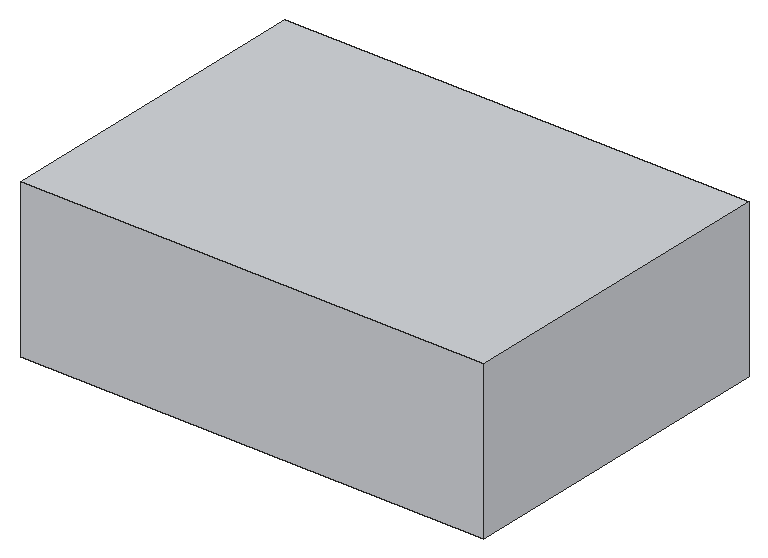
Revit family "b1e7a4f0250f45f99e75eb92cc85d866", category Electrical Equipment, host Face, Revit 2021
Family settings
  Host = Face
  Round Connector Dimension = Use Diameter
  Part Type = Other Panel
  OmniClass Number = 23.85.30.21.11.14
  OmniClass Title = Alarm Panels
  Seek Item ID = Air Sampling Control Detector Panel-0000-USA-ENU
  Cut with Voids When Loaded = No
  Shared = No
  Room Calculation Point = No
Parameters (values of type "Standard")
  Width = 0' - 8 251/256"
  Panel Material = none
  Length = 1' - 0 77/128"
  Height = 0' - 4 1/4"
  Default Elevation = 4' - 0"
Reference planes (in)
  plane 1 "Center (Front/Back)": y = 0
  plane 2: z = 0
  plane 3 "Center (Left/Right)": x = 0
  plane 4: x = -6.30078
  plane 5: x = 6.30078
  plane 6: y = -8.98047
  plane 7: z = 4.25
Forms (in)
  Extrusion 1, solid, material <- "Panel Material"
    sketch origin (0, 0, 0) x (1, 0, 0) y (0, 1, 0)
      loop
        line (-6.30078, 0) -> (-6.30078, -8.98047) -> (6.30078, -8.98047) -> (6.30078, 0) -> (-6.30078, 0)
    from 0 to 4.25
Dimensions and locks (in)
  "Width": plane 1 "Center (Front/Back)" to plane 6
  equal spacing: plane 4, plane 3 "Center (Left/Right)", plane 5
  "Length": plane 4 to plane 5
  "Height": plane 7 to plane 2
  aligned and locked: plane 2 to host face
  aligned and locked: level to host face
  aligned and locked: plane 4 to Extrusion 1 sketch curve
  aligned and locked: plane 1 "Center (Front/Back)" to Extrusion 1 sketch curve
  aligned and locked: plane 6 to Extrusion 1 sketch curve
  aligned and locked: Extrusion 1 sketch curve to plane 5
  aligned and locked: Extrusion 1 to plane 2
  aligned and locked: plane 7 to Extrusion 1
  aligned and locked: plane 5 to Extrusion 1
  aligned and locked: plane 2 to nested 1
  aligned and locked: plane 7 to nested 1
  aligned and locked: plane 5 to nested 1
  aligned and locked: plane 4 to nested 1
Automatic sketch dimensions
  host sketch curve to host sketch curve = 8' - 0"  (x2)
Nested families (in)
  nested 1: "Air Sampling Control Detector Panel Annotation" at (21.5, 0, -5.375) x (1, 0, 0) z (0, -1, 0), type "Air Sampling Control Detector Panel Annotation", detail levels coarse+medium
    with Width 0' - 4 1/4", Length 1' - 0 77/128"
Connectors (in)
  electrical at (0, 0, 2.125)
    settings: on Extrusion 1, index 1, voltage 0 V, apparent load 0 VA, apparent load phase1 0 VA, apparent load phase2 0 VA, apparent load phase3 0 VA, power factor 1, load classification "Other", number of poles 1, system type 11, power factor state 1, is connector primary yes, connector utility no, sub classification motor no, connector description ""
  cabletrayconduit at (0, 0, 2.125), diameter 24
    settings: on Extrusion 1, index 2, connector width 1' - 0", connector height 1' - 0", connector angle 0.00°, system type 32, placement type 1, profile type 0, connector reference index -1, is primary connector yes, connector utility param no, connector description ""
  cabletrayconduit at (-6.30078, -4.49023, 2.125), diameter 24
    settings: on Extrusion 1, index 3, connector width 1' - 0", connector height 1' - 0", connector angle 0.00°, system type 32, placement type 1, profile type 0, connector reference index -1, is primary connector no, connector utility param no, connector description ""
  cabletrayconduit at (6.30078, -4.49023, 2.125), diameter 24
    settings: on Extrusion 1, index 4, connector width 1' - 0", connector height 1' - 0", connector angle 0.00°, system type 32, placement type 1, profile type 0, connector reference index -1, is primary connector no, connector utility param no, connector description ""
  cabletrayconduit at (0, -4.49023, 0), diameter 24
    settings: on Extrusion 1, index 5, connector width 1' - 0", connector height 1' - 0", connector angle 0.00°, system type 32, placement type 1, profile type 0, connector reference index -1, is primary connector no, connector utility param no, connector description ""
  cabletrayconduit at (0, -8.98047, 2.125), diameter 24
    settings: on Extrusion 1, index 6, connector width 1' - 0", connector height 1' - 0", connector angle 0.00°, system type 32, placement type 1, profile type 0, connector reference index -1, is primary connector no, connector utility param no, connector description ""
Definition of nested family "Air Sampling Control Detector Panel Annotation"
  Parameters
    Width [instance] = 0' - 5"
    Length [instance] = 0' - 5"
    Assembly Code = ""
  Reference planes (in)
    plane 1 "Center (Front/Back)": y = 7.5
    plane 2: z = 0
    plane 3 "Center (Left/Right)": x = -21.5
    plane 4: x = -24
    plane 5: x = -19
    plane 6: y = 10
    plane 7: y = 5
  Lines and regions (in)
    Filled region 1, type "Solid Fill - Black", in view "Ref. Level"
      outline origin (-9.43387, 8.15386, 0) x (1, 0, 0) y (0, 1, 0)
        loop
          line (-12.417, -0.47206) -> (-12.59555, -0.47206)
          arc (-12.59555, -0.47206) -> (-12.69908, -0.58553) -> (-12.58561, -0.68906) r 0.10861
          line (-12.58561, -0.68906) -> (-12.46405, -0.68906) -> (-12.46405, -0.84221) -> (-12.417, -0.84221) -> (-12.417, -0.47206)
        loop
          line (-12.58438, -0.64724) -> (-12.46405, -0.64724) -> (-12.46405, -0.5165) -> (-12.58561, -0.5165)
          arc (-12.58561, -0.5165) -> (-12.64656, -0.58245) -> (-12.58438, -0.64724) r 0.06549
        loop
          line (-12.35539, -0.47206) -> (-12.35539, -0.5165) -> (-12.15141, -0.5165) -> (-12.15141, -0.63166) -> (-12.32849, -0.63166) -> (-12.32849, -0.67463) -> (-12.15141, -0.67463) -> (-12.15141, -0.84221) -> (-12.10463, -0.84221) -> (-12.10463, -0.47206) -> (-12.35539, -0.47206)
        loop
          line (-11.5764, -0.47206) -> (-11.72595, -0.84221) -> (-11.67161, -0.84221) -> (-11.62848, -0.72984) -> (-11.473, -0.72984) -> (-11.43263, -0.84221) -> (-11.38093, -0.84221) -> (-11.52281, -0.47206) -> (-11.5764, -0.47206)
        loop
          line (-11.54791, -0.51066) -> (-11.61314, -0.68987) -> (-11.4862, -0.68987) -> (-11.54791, -0.51066)
        loop
          line (-12.04249, -0.59124) -> (-11.99625, -0.59124)
          spline (-11.99625, -0.59124) -> (-11.99508, -0.5711) -> (-11.98694, -0.55191) -> (-11.9724, -0.53508) -> (-11.95251, -0.5218) -> (-11.92871, -0.51304) -> (-11.90271, -0.50943) -> (-11.87639, -0.51123) -> (-11.85165, -0.51831) -> (-11.83027, -0.53016) -> (-11.81379, -0.54592) -> (-11.8034, -0.56446) -> (-11.79985, -0.58444)
          arc (-11.79985, -0.58444) -> (-11.80299, -0.59968) -> (-11.81398, -0.6107) r 0.02717
          line (-11.81398, -0.6107) -> (-11.95832, -0.66459)
          arc (-11.95832, -0.66459) -> (-11.98187, -0.67345) -> (-12.0056, -0.68176) r 1.09135
          arc (-12.0056, -0.68176) -> (-12.02722, -0.72334) -> (-12.01832, -0.76934) r 0.0712
          spline (-12.01832, -0.76934) -> (-12.00117, -0.79202) -> (-11.97849, -0.81092) -> (-11.9514, -0.8251) -> (-11.92126, -0.83385) -> (-11.88957, -0.83675) -> (-11.85791, -0.83363) -> (-11.82786, -0.82466) -> (-11.80092, -0.81029) -> (-11.77842, -0.79123) -> (-11.76151, -0.76843) -> (-11.751, -0.74304) -> (-11.74745, -0.71631)
          line (-11.74745, -0.71631) -> (-11.79404, -0.71631)
          spline (-11.79404, -0.71631) -> (-11.79379, -0.73697) -> (-11.80082, -0.75692) -> (-11.81462, -0.77466) -> (-11.83414, -0.78887) -> (-11.85793, -0.79849) -> (-11.88423, -0.8028) -> (-11.91105, -0.80149) -> (-11.93642, -0.79464) -> (-11.95843, -0.78276) -> (-11.97544, -0.76676) -> (-11.98618, -0.74781) -> (-11.98985, -0.72734)
          arc (-11.98985, -0.72734) -> (-11.98036, -0.70907) -> (-11.96472, -0.69569) r 0.05392
          line (-11.96472, -0.69569) -> (-11.92987, -0.68303)
          arc (-11.92987, -0.68303) -> (-11.88399, -0.67317) -> (-11.83897, -0.65992) r 0.62793
          arc (-11.83897, -0.65992) -> (-11.80844, -0.64419) -> (-11.78118, -0.62329) r 0.19305
          arc (-11.78118, -0.62329) -> (-11.75726, -0.58847) -> (-11.76057, -0.54636) r 0.06331
          spline (-11.76057, -0.54636) -> (-11.77614, -0.52068) -> (-11.79814, -0.49876) -> (-11.8254, -0.48176) -> (-11.85645, -0.4706) -> (-11.88964, -0.46587) -> (-11.92321, -0.46781) -> (-11.95537, -0.47633) -> (-11.98441, -0.49097) -> (-12.00877, -0.51096) -> (-12.02716, -0.53522) -> (-12.0386, -0.56246) -> (-12.04249, -0.59124)
    detail lines, in view "Ref. Level"
      curve 1: line (-24, 10, 0) -> (-19, 10, 0)
      curve 2: line (-24, 5, 0) -> (-24, 10, 0)
      curve 3: line (-19, 5, 0) -> (-24, 5, 0)
      curve 4: line (-19, 10, 0) -> (-19, 5, 0)
  Dimensions and locks (in)
    equal spacing: plane 4, plane 3 "Center (Left/Right)", plane 5
    "Length": plane 4 to plane 5
    equal spacing: plane 6, plane 1 "Center (Front/Back)", plane 7
    "Width": plane 6 to plane 7
    aligned and locked: plane 4 to curve 1
    aligned and locked: curve 1 to plane 6
    aligned and locked: plane 7 to curve 4
    aligned and locked: curve 4 to plane 5
  Automatic sketch dimensions
    Filled region 1 sketch curve to Filled region 1 sketch curve = 0' - 0.00497"  (x2)
    Filled region 1 sketch curve to Filled region 1 sketch curve = 0' - 0.00994"
    Filled region 1 sketch curve to Filled region 1 sketch curve = 0' - 0.00123"
    Filled region 1 sketch curve to Filled region 1 sketch curve = 0' - 0.00951"
    Filled region 1 sketch curve to Filled region 1 sketch curve = 0' - 0.12156"
    Filled region 1 sketch curve to Filled region 1 sketch curve = 0' - 0"  (x4)
    Filled region 1 sketch curve to Filled region 1 sketch curve = 0' - 0.04705"
    Filled region 1 sketch curve to Filled region 1 sketch curve = 0' - 0.06161"
    Filled region 1 sketch curve to Filled region 1 sketch curve = 0' - 0.00091"
    Filled region 1 sketch curve to Filled region 1 sketch curve = 0' - 0.13556"
    Filled region 1 sketch curve to Filled region 1 sketch curve = 0' - 0.20398"
    Filled region 1 sketch curve to Filled region 1 sketch curve = 0' - 0.04678"
    Filled region 1 sketch curve to Filled region 1 sketch curve = 0' - 0.10892"
    Filled region 1 sketch curve to Filled region 1 sketch curve = 0' - 0.06596"
    Filled region 1 sketch curve to Filled region 1 sketch curve = 0' - 0.08631"
    Filled region 1 sketch curve to Filled region 1 sketch curve = 0' - 0.01271"
    Filled region 1 sketch curve to Filled region 1 sketch curve = 0' - 0.04624"
    Filled region 1 sketch curve to Filled region 1 sketch curve = 0' - 0.01576"
    Filled region 1 sketch curve to Filled region 1 sketch curve = 0' - 0.02513"
    Filled region 1 sketch curve to Filled region 1 sketch curve = 0' - 0.00639"
    Filled region 1 sketch curve to Filled region 1 sketch curve = 0' - 0.03309"
    Filled region 1 sketch curve to Filled region 1 sketch curve = 0' - 0.01863"
    Filled region 1 sketch curve to Filled region 1 sketch curve = 0' - 0.02846"
    Filled region 1 sketch curve to Filled region 1 sketch curve = 0' - 0.08445"
    Filled region 1 sketch curve to Filled region 1 sketch curve = 0' - 0.09799"
    Filled region 1 sketch curve to Filled region 1 sketch curve = 0' - 0.00154"
    Filled region 1 sketch curve to Filled region 1 sketch curve = 0' - 0.04671"
    Filled region 1 sketch curve to Filled region 1 sketch curve = 0' - 0.00125"
    Filled region 1 sketch curve to Filled region 1 sketch curve = 0' - 0.0512"
    Filled region 1 sketch curve to Filled region 1 sketch curve = 0' - 0.06979"
    Filled region 1 sketch curve to Filled region 1 sketch curve = 0' - 0.0085"
    Filled region 1 sketch curve to Filled region 1 sketch curve = 0' - 0.01294"
    Filled region 1 sketch curve to Filled region 1 sketch curve = 0' - 0.01857"
    Filled region 1 sketch curve to Filled region 1 sketch curve = 0' - 0.04493"
    Filled region 1 sketch curve to Filled region 1 sketch curve = 0' - 0.0328"
    Filled region 1 sketch curve to Filled region 1 sketch curve = 0' - 0.03929"
    Filled region 1 sketch curve to Filled region 1 sketch curve = 0' - 0.0466"
    Filled region 1 sketch curve to Filled region 1 sketch curve = 0' - 0.02149"
    Filled region 1 sketch curve to Filled region 1 sketch curve = 0' - 0.05434"
    Filled region 1 sketch curve to Filled region 1 sketch curve = 0' - 0.11897"
    Filled region 1 sketch curve to Filled region 1 sketch curve = 0' - 0.01534"
    Filled region 1 sketch curve to Filled region 1 sketch curve = 0' - 0.18416"
    Filled region 1 sketch curve to Filled region 1 sketch curve = 0' - 0.02849"
    Filled region 1 sketch curve to Filled region 1 sketch curve = 0' - 0.0251"
    Filled region 1 sketch curve to Filled region 1 sketch curve = 0' - 0.12694"
    Filled region 1 sketch curve to Filled region 1 sketch curve = 0' - 0.01321"
    Filled region 1 sketch curve to Filled region 1 sketch curve = 0' - 0.04037"
    Filled region 1 sketch curve to Filled region 1 sketch curve = 0' - 0.0517"
    Filled region 1 sketch curve to Filled region 1 sketch curve = 0' - 0.03328"
    Filled region 1 sketch curve to Filled region 1 sketch curve = 0' - 0.03165"
    Filled region 1 sketch curve to Filled region 1 sketch curve = 0' - 0.01353"
    Filled region 1 sketch curve to Filled region 1 sketch curve = 0' - 0.00903"
    Filled region 1 sketch curve to Filled region 1 sketch curve = 0' - 0.04201"
    Filled region 1 sketch curve to Filled region 1 sketch curve = 0' - 0.07287"
    Filled region 1 sketch curve to Filled region 1 sketch curve = 0' - 0.11237"  (x2)
    Filled region 1 sketch curve to Filled region 1 sketch curve = 0' - 0.03997"
    Filled region 1 sketch curve to Filled region 1 sketch curve = 0' - 0.15315"
    Filled region 1 sketch curve to Filled region 1 sketch curve = 0' - 0.01443"
    Filled region 1 sketch curve to Filled region 1 sketch curve = 0' - 0.0311"
    Filled region 1 sketch curve to Filled region 1 sketch curve = 0' - 0.05638"
    Filled region 1 sketch curve to Filled region 1 sketch curve = 0' - 0.04183"
    Filled region 1 sketch curve to Filled region 1 sketch curve = 0' - 0 11/256"
    Filled region 1 sketch curve to Filled region 1 sketch curve = 0' - 0.03663"
    Filled region 1 sketch curve to Filled region 1 sketch curve = 0' - 0.0126"
    Filled region 1 sketch curve to Filled region 1 sketch curve = 0' - 0.09052"
    Filled region 1 sketch curve to Filled region 1 sketch curve = 0' - 0.02389"
    Filled region 1 sketch curve to Filled region 1 sketch curve = 0' - 0.06541"
    Filled region 1 sketch curve to Filled region 1 sketch curve = 0' - 0.00127"
    Filled region 1 sketch curve to Filled region 1 sketch curve = 0' - 0.01472"
    Filled region 1 sketch curve to Filled region 1 sketch curve = 0' - 0.17921"
    Filled region 1 sketch curve to Filled region 1 sketch curve = 0' - 0.03859"
    Filled region 1 sketch curve to Filled region 1 sketch curve = 0' - 0.04443"
    Filled region 1 sketch curve to plane 1 "Center (Front/Back)" = 0' - 0.1818"
    Filled region 1 sketch curve to plane 3 "Center (Left/Right)" = 0' - 0.52942"
    Filled region 1 sketch curve to Filled region 1 sketch curve = 0' - 0.11488"
